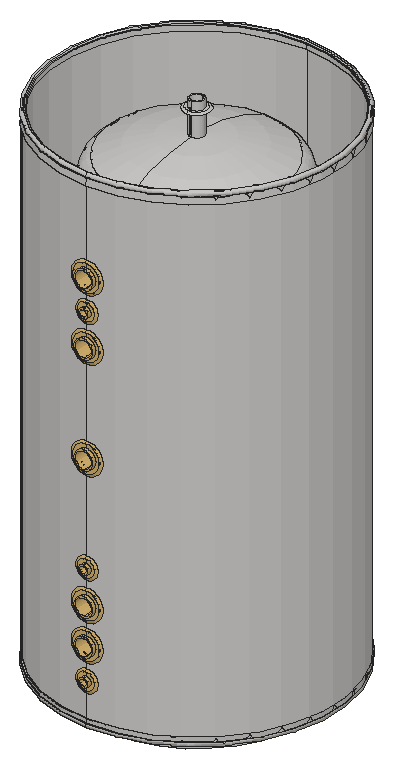
Revit family "HVAC_Boilers_Enertech_CTC-Accumulator-Tank_2-750", category Specialty Equipment, Revit 2018
Family settings
  Round Connector Dimension = Use Diameter
  Part Type = Normal
  OmniClass Number = 23.75.00.00
  OmniClass Title = Climate Control (HVAC)
  Work Plane-Based = No
  Always vertical = No
  Cut with Voids When Loaded = No
  Shared = No
  Room Calculation Point = No
Parameters (values of type "CTC Ackumulatortank 2 750")
  Weight = "145 kg"
  WaterVolumeWaterSuply = "N/A"
  WaterVolumeHeathingSystem = "689 l"
  WarrantyStartDate [instance] = "n/a"
  WarrantyGuarantorParts = "n/a"
  WarrantyGuarantorLabor = "n/a"
  WarrantyDurationUnit = "Year"
  WarrantyDurationParts = "n/a"
  WarrantyDurationLabor = "n/a"
  WarrantyDescription = "n/a"
  VersionDate = "24/08/2021"  # constant formula
  Version = "1"  # constant formula
  UsageCurrent = 0 A
  Uniclass2015Reference = "Pr_40_70_65"
  Uniclass2015Description = "Preparation catering equipment"
  Uniclass2 = "Pr_40_70_65"
  URL = "https://ctc-heating.com/products/accumulator-tanks"
  UNSPSCCode = "24111810"
  Type Comments = ""
  Touchscreen = "no"
  TagNumber [instance] = "n/a"
  SustainabilityPerformance = "n/a"
  Status = "n/a"
  Standby heat loss, Storage tank = "127 W"
  SpecifiedOutput = "N/A"
  SoundPowerLWA = "N/A"
  Sound pressureLPA 5m = "N/A"
  Sound pressureLPA 1m = "N/A"
  Sound pressureLPA 10m = "N/A"
  Size = "Ø950x1820 mm"
  Shape = "Round"
  SerialNumber [instance] = "7241 xxxx xxxx"
  SEERWarm = "N/A"
  SEERModerate = "N/A"
  SEERCold = "N/A"
  SCOPWarm = "N/A"
  SCOPModerate = "N/A"
  SCOPCold = "N/A"
  Revision = "n/a"  # constant formula
  ReplacementCost = "n/a"
  RefrigerantType = "N/A"
  RefrigerantQuantity = "N/A"
  ReferenceAirFlowRate = "N/A"
  Reference = "n/a"
  RatedVoltage = 0 V
  RatedHeatOutputModerate = "N/A"
  RatedCurrent = 0 A
  PumpMainMaterial = Stainless Steel
  ProductInformation = "CTC Hot water storage tanks is a series of  coil/storage tanks suitable for DHW-preparation and hot water storage, availiable in two models and five sizes. CTC Hot Water Storage Tank 1:  coil tanks for efficient DHW heating. CTC Hot Water Storage Tank 2: volume tanks for hot water storage."
  Product data url = ""
  PowerFactor = 0 W
  PhaseReference = "n/a"
  PhaseAngle = 0.00°
  OutputRangeIimmersionHeater = "N/A"
  OutputRange = "N/A"
  NumberOfPoles = 1
  NominalWidth = 950 mm
  NominalVoltage = 0 V
  NominalHeight = 1820 mm
  NominalFrequencyRange = 0 Hz
  NominalDepth = 950 mm
  NominalCurrent = 0 A
  Name = "CTC-Accumulator-Tank_2-750"  # constant formula
  NBSReference = "90-40-40/320"
  NBSDescription = "Air to water heat pumps"
  ModelReference = "n/a"
  ModelNumber = "589904001"
  MinimumCeilingHeight = "2040 mm"
  MaxStartingCurrent = "N/A"
  MaxOperatingTemperature = "100 °C"
  MaxOperatingPressureThermalStore = "6 bar"
  MaxOperatingPressureHotWater = "N/A"
  MaxAirFlowRate = "N/A"
  Material = "Steel"
  ManufacturerURL = "https://ctc.se/"
  ManufacturerName = "Enertech AB"
  Model = "CTC Ackumulatortank 2 750"
  ManufacturerCountry = "Sweden"
  Manufacturer = "Enertech AB"
  InsulationStandardClass = "n/a"
  InstallationDate [instance] = "n/a"
  InPutPower = "N/A"
  IfcExportType = "HEATER"  # constant formula
  IfcExportAs = "IfcElectricalDeviceCommon"  # constant formula
  IP_Code = "N/A"
  HotTapWaterPerformance = "N/A"
  HasProtectiveEarth = yes
  GroupFuse = "N/A"
  Grade = "n/a"
  Finish = "n/a"
  Features = "n/a"
  ExpectedLife = "n/a"
  EnergyClass_HotWater = "N/A"
  EnergyClassHeatingWithoutControl = "N/A"
  EnergyClassHeatingWithControl = "N/A"
  ElectricalDeviceNominalPower = 0 W
  EANNumber = "7333077097639"
  DurationUnit = "Year"
  Description = "CTC Hot water storage tanks is a series of  coil/storage tanks suitable for DHW-preparation and hot water storage, availiable in two models and five sizes. CTC Hot Water Storage Tank 1:  coil tanks for efficient DHW heating. CTC Hot Water Storage Tank 2: volume tanks for hot water storage."
  Cost = 0
  Constituents = "n/a"
  ConductorFunction = "n/a"
  Color = "Grey"
  CodePerformance = "n/a"
  Capacity = "N/A"
  COP = "N/A"
  CO2Equivalent = "N/A"
  BrineSystem_Min_MaxPressure = "N/A"
  Barcode [instance] = "n/a"
  AssetIdentifier [instance] = "n/a"
  Category = "Storage tank, hot water"
  Brand = "CTC"
  BIMObjectName = "HVAC_Boilers_Enertech_CTC-Accumulator-Tank_2-750"  # constant formula
  Author = "BIMStone"  # constant formula
  AssetType = "Fixed"
  Artikel nr. = ""
  AirFlow = "N/A"
  Accessories = ""
  AccessibilityPerformance = "n/a"
Reference planes
  plane 1 "Center (Front/Back)": y = 0
  plane 2: z = 0
  plane 3 "Center (Left/Right)": x = 0
  plane 4: z = 1820
  plane 5: y = 475
  plane 6: y = -475
  plane 7: x = -475
  plane 8: x = 475
Dimensions and locks
  "NominalHeight": plane 4 to level
  equal spacing: plane 5, plane 1 "Center (Front/Back)", plane 6
  "NominalDepth": plane 5 to plane 6
  equal spacing: plane 7, plane 3 "Center (Left/Right)", plane 8
  "NominalWidth": plane 7 to plane 8
  aligned and locked: level to plane 2
Nested families
  nested 1: "Accumulator-Tank_2-750" at (0, 0, 0), Body <- "PumpMainMaterial", type "Accumulator-Tank_2-750"
    with Pipes Brass, Body Stainless Steel
Definition of nested family "Accumulator-Tank_2-750"
  Parameters (values of type "Accumulator-Tank_2-750")
    Pipes [instance] = none
    Body [instance] = none
  Reference planes
    plane 1 "Center (Front/Back)": y = 0
    plane 2: z = 0
    plane 3 "Center (Left/Right)": x = 0
    plane 4: y = 478.349
    plane 5: y = -478.349
    plane 6: x = -478.349
    plane 7: x = 478.349
  Forms (mm)
    Revolve 1, solid, material <- "Body", detail levels medium+fine
      sketch origin (0, 0, 0) x (0, 1, 0) y (0, 0, 1)
        loop
          line (478.349, 1750.261) -> (476.502, 1773.869)
          arc (476.502, 1773.869) -> (476.592, 1774.638) -> (476.968, 1775.314) r 1.996
          arc (476.968, 1775.314) -> (477.358, 1784.96) -> (468.103, 1787.707) r 7.859
          arc (468.103, 1787.707) -> (465.997, 1786.218) -> (464.827, 1783.918) r 5.371
          line (464.827, 1783.918) -> (470.045, 1783.918) -> (470.045, 1782.918) -> (464.045, 1782.918) -> (463.956, 1781.918) -> (471.456, 1781.918) -> (471.456, 1757.918) -> (472.75, 1757.918) -> (474, 1773.896) -> (475, 1773.896) -> (476.849, 1750.261) -> (478.349, 1750.261)
        loop
          line (471.456, 75.873) -> (463.956, 75.873) -> (464.045, 74.873) -> (470.045, 74.873) -> (470.045, 73.873) -> (464.827, 73.873)
          arc (464.827, 73.873) -> (465.997, 71.574) -> (468.103, 70.084) r 5.371
          arc (468.103, 70.084) -> (477.358, 72.832) -> (476.968, 82.478) r 7.859
          arc (476.968, 82.478) -> (476.592, 83.154) -> (476.502, 83.922) r 1.996
          line (476.502, 83.922) -> (477.75, 99.873) -> (476.25, 99.873) -> (475, 83.896) -> (474, 83.896) -> (472.75, 99.873) -> (471.456, 99.873) -> (471.456, 75.873)
        axis (0, 1787.707) -> (0, 70.084)
      angle from 0 to 360
    Revolve 2, solid, material <- "Body", detail levels medium+fine
      sketch origin (0, 0, 0) x (0, 1, 0) y (0, 0, 1)
        loop
          line (474.3, 83.896) -> (475.1, 83.896) -> (475.1, 1773.896) -> (474.3, 1773.896) -> (474.3, 83.896)
        axis (0, 83.896) -> (0, 1773.896)
      angle from 0 to 360
    Revolve 3, solid, material <- "Body", detail levels medium+fine
      sketch origin (0, 0, 0) x (0, 1, 0) y (0, 0, 1)
        loop
          line (-325, 1576.143) -> (-325, 154.143)
          arc (-325, 154.143) -> (-314.893, 118.46) -> (-287.575, 93.379) r 68.041
          arc (-287.575, 93.379) -> (-147.788, 42.844) -> (0, 26.937) r 621.684
          line (0, 26.937) -> (0, 29.937)
          arc (0, 29.937) -> (-147.094, 45.763) -> (-286.225, 96.058) r 618.684
          arc (-286.225, 96.058) -> (-312.339, 120.034) -> (-322, 154.143) r 65.041
          line (-322, 154.143) -> (-322, 1576.143)
          arc (-322, 1576.143) -> (-312.339, 1610.252) -> (-286.225, 1634.228) r 65.041
          arc (-286.225, 1634.228) -> (-156.576, 1682.253) -> (-19.5, 1700.288) r 618.684
          line (-19.5, 1700.288) -> (-19.5, 1813.618) -> (-23.5, 1813.618) -> (-23.5, 1787.618) -> (-35, 1787.618) -> (-43, 1783.618) -> (-23.5, 1783.618) -> (-23.5, 1703.201)
          arc (-23.5, 1703.201) -> (-159.211, 1684.688) -> (-287.575, 1636.907) r 621.684
          arc (-287.575, 1636.907) -> (-314.893, 1611.825) -> (-325, 1576.143) r 68.041
        axis (0, 26.937) -> (0, 1813.618)
      angle from 0 to 360
    Revolve 4, solid, material <- "Body", detail levels medium+fine
      sketch origin (0, 0, 0) x (0, 1, 0) y (0, 0, 1)
        loop
          line (362, 105) -> (359, 105) -> (359, 0) -> (362, 0) -> (362, 105)
        axis (0, 0) -> (0, 105)
      angle from 0 to 360
    Extrusion 5, void
      sketch origin (0, 0, 0) x (1, 0, 0) y (0, 0, 1)
        loop
          circle (0, 1465.146) r 29
        loop
          circle (0, 1360.146) r 13
        loop
          circle (0, 1250.143) r 29
        loop
          circle (0, 905.146) r 29
        loop
          circle (0, 450.146) r 29
        loop
          circle (0, 325.146) r 29
        loop
          circle (0, 565.146) r 13
        loop
          circle (0, 215.146) r 13
      from 299.391 to 515
    Revolve 6, solid, material <- "Pipes", detail levels medium+fine
      sketch origin (0, -55, 0) x (0, 1, 0) y (0, 0, 1)
        loop
          line (-265, 357.643) -> (-420, 357.643) -> (-420, 379.146) -> (-424, 371.146) -> (-424, 357.643) -> (-435, 357.643) -> (-435, 353.143) -> (-265, 353.143) -> (-265, 357.643)
        axis (-265, 325.143) -> (-435, 325.143)
      angle from 0 to 360
    Revolve 7, solid, material <- "Pipes", detail levels medium+fine
      sketch origin (0, -55, 125) x (0, 1, 0) y (0, 0, 1)
        loop
          line (-265, 357.643) -> (-420, 357.643) -> (-420, 379.146) -> (-424, 371.146) -> (-424, 357.643) -> (-435, 357.643) -> (-435, 353.143) -> (-265, 353.143) -> (-265, 357.643)
        axis (-265, 325.143) -> (-435, 325.143)
      angle from 0 to 360
    Revolve 8, solid, material <- "Pipes", detail levels medium+fine
      sketch origin (0, -55, 580) x (0, 1, 0) y (0, 0, 1)
        loop
          line (-265, 357.643) -> (-420, 357.643) -> (-420, 379.146) -> (-424, 371.146) -> (-424, 357.643) -> (-435, 357.643) -> (-435, 353.143) -> (-265, 353.143) -> (-265, 357.643)
        axis (-265, 325.143) -> (-435, 325.143)
      angle from 0 to 360
    Revolve 9, solid, material <- "Pipes", detail levels medium+fine
      sketch origin (0, -55, 925) x (0, 1, 0) y (0, 0, 1)
        loop
          line (-265, 357.643) -> (-420, 357.643) -> (-420, 379.146) -> (-424, 371.146) -> (-424, 357.643) -> (-435, 357.643) -> (-435, 353.143) -> (-265, 353.143) -> (-265, 357.643)
        axis (-265, 325.143) -> (-435, 325.143)
      angle from 0 to 360
    Revolve 10, solid, material <- "Pipes", detail levels medium+fine
      sketch origin (0, -55, 1035) x (0, 1, 0) y (0, 0, 1)
        loop
          line (-265, 341.142) -> (-420, 341.142) -> (-420, 362.645) -> (-424, 354.645) -> (-424, 341.142) -> (-435, 341.142) -> (-435, 336.642) -> (-265, 336.642) -> (-265, 341.142)
        axis (-265, 325.143) -> (-435, 325.143)
      angle from 0 to 360
    Revolve 11, solid, material <- "Pipes", detail levels medium+fine
      sketch origin (0, -55, 240) x (0, 1, 0) y (0, 0, 1)
        loop
          line (-265, 341.142) -> (-420, 341.142) -> (-420, 362.645) -> (-424, 354.645) -> (-424, 341.142) -> (-435, 341.142) -> (-435, 336.642) -> (-265, 336.642) -> (-265, 341.142)
        axis (-265, 325.143) -> (-435, 325.143)
      angle from 0 to 360
    Revolve 12, solid, material <- "Pipes", detail levels medium+fine
      sketch origin (0, -55, -110) x (0, 1, 0) y (0, 0, 1)
        loop
          line (-265, 341.142) -> (-420, 341.142) -> (-420, 362.645) -> (-424, 354.645) -> (-424, 341.142) -> (-435, 341.142) -> (-435, 336.642) -> (-265, 336.642) -> (-265, 341.142)
        axis (-265, 325.143) -> (-435, 325.143)
      angle from 0 to 360
    Revolve 13, solid, material <- "Pipes", detail levels medium+fine
      sketch origin (0, -55, 1140) x (0, 1, 0) y (0, 0, 1)
        loop
          line (-265, 357.643) -> (-420, 357.643) -> (-420, 379.146) -> (-424, 371.146) -> (-424, 357.643) -> (-435, 357.643) -> (-435, 353.143) -> (-265, 353.143) -> (-265, 357.643)
        axis (-265, 325.143) -> (-435, 325.143)
      angle from 0 to 360
    Extrusion 14, solid, material <- "Body", detail levels coarse
      sketch origin (0, 0, 0) x (1, 0, 0) y (0, 1, 0)
        loop
          line (-478.349, 478.349) -> (-478.349, -478.349) -> (478.349, -478.349) -> (478.349, 478.349) -> (-478.349, 478.349)
      from 0 to 1788.2
  Cuts and joins
    Extrusion 5 cuts Revolve 2
    Extrusion 5 cuts Revolve 3
  Lines and regions (mm)
    symbolic lines, detail levels medium+fine
      curve 1: arc (0, 470.966, 69.545) -> (0, 478.095, 74.095) -> (0, 476.968, 82.478) r 7.859
      curve 2: line (0, 476.502, 83.922) -> (0, 477.75, 99.873)
      curve 3: line (0, 477.75, 99.873) -> (0, 475.1, 99.873)
      curve 4: line (0, 475.1, 99.873) -> (0, 475.1, 1750.261)
      curve 5: arc (0, 476.968, 1775.314) -> (0, 478.095, 1783.696) -> (0, 470.966, 1788.247) r 7.859
      curve 6: line (0, 475.1, 1750.261) -> (0, 478.349, 1750.261)
      curve 7: line (0, 478.349, 1750.261) -> (0, 476.502, 1773.869)
      curve 8: arc (0, 476.502, 1773.869) -> (0, 476.592, 1774.638) -> (0, 476.968, 1775.314) r 1.996
      curve 11: line (0, 23.5, 1813.618) -> (0, 23.5, 1788.247)
      curve 12: line (0, 23.5, 1813.618) -> (0, -23.5, 1813.618)
      curve 13: line (0, 470.966, 69.545) -> (0, 362, 69.545)
      curve 14: line (0, 362, 0) -> (0, 362, 69.545)
      curve 15: line (0, 362, 0) -> (0, -362, 0)
      curve 19: arc (0, 476.968, 82.478) -> (0, 476.592, 83.154) -> (0, 476.502, 83.922) r 1.996
      curve 21: arc (0, -470.966, 69.545) -> (0, -478.095, 74.095) -> (0, -476.968, 82.478) r 7.859
      curve 22: line (0, -476.502, 83.922) -> (0, -477.75, 99.873)
      curve 23: line (0, -477.75, 99.873) -> (0, -475.1, 99.873)
      curve 24: line (0, -475.1, 99.873) -> (0, -475.1, 177.84)
      curve 25: arc (0, -476.968, 1775.314) -> (0, -478.095, 1783.696) -> (0, -470.966, 1788.247) r 7.859
      curve 26: line (0, -475.1, 1750.261) -> (0, -478.349, 1750.261)
      curve 27: line (0, -478.349, 1750.261) -> (0, -476.502, 1773.869)
      curve 28: arc (0, -476.502, 1773.869) -> (0, -476.592, 1774.638) -> (0, -476.968, 1775.314) r 1.996
      curve 29: line (0, -23.5, 1788.247) -> (0, -470.966, 1788.247)
      curve 31: line (0, -23.5, 1813.618) -> (0, -23.5, 1788.247)
      curve 32: line (0, -470.966, 69.545) -> (0, -362, 69.545)
      curve 33: line (0, -362, 0) -> (0, -362, 69.545)
      curve 37: arc (0, -476.968, 82.478) -> (0, -476.592, 83.154) -> (0, -476.502, 83.922) r 1.996
      curve 39: line (0, 23.5, 1788.247) -> (0, 470.966, 1788.247)
      curve 40: line (0, -475.1, 1397.445) -> (0, -475.1, 1411.34)
      curve 41: line (0, -479, 1389.645) -> (0, -479, 1376.142)
      curve 42: line (0, -490, 1376.142) -> (0, -490, 1344.143)
      curve 43: line (0, -490, 1376.142) -> (0, -479, 1376.142)
      curve 44: line (0, -479, 1389.645) -> (0, -475.1, 1397.445)
      curve 45: line (0, -479, 1330.64) -> (0, -475.1, 1322.84)
      curve 46: line (0, -490, 1344.143) -> (0, -479, 1344.143)
      curve 49: line (0, -479, 1296.146) -> (0, -479, 1282.643)
      curve 50: line (0, -490, 1282.643) -> (0, -490, 1217.643)
      curve 51: line (0, -479, 1296.146) -> (0, -475.1, 1303.946)
      curve 52: line (0, -479, 1204.14) -> (0, -475.1, 1196.34)
      curve 53: line (0, -490, 1217.643) -> (0, -479, 1217.643)
      curve 54: line (0, -490, 1282.643) -> (0, -479, 1282.643)
      curve 56: line (0, -479, 1217.643) -> (0, -479, 1204.14)
      curve 58: line (0, -475.1, 1303.946) -> (0, -475.1, 1322.84)
      curve 60: line (0, -479, 1344.143) -> (0, -479, 1330.64)
      curve 61: line (0, -479, 951.146) -> (0, -479, 937.643)
      curve 62: line (0, -490, 937.643) -> (0, -490, 872.643)
      curve 63: line (0, -479, 951.146) -> (0, -475.1, 958.946)
      curve 64: line (0, -479, 859.14) -> (0, -475.1, 851.34)
      curve 65: line (0, -490, 872.643) -> (0, -479, 872.643)
      curve 66: line (0, -490, 937.643) -> (0, -479, 937.643)
      curve 68: line (0, -479, 872.643) -> (0, -479, 859.14)
      curve 70: line (0, -479, 496.146) -> (0, -479, 482.643)
      curve 71: line (0, -490, 482.643) -> (0, -490, 417.643)
      curve 72: line (0, -479, 496.146) -> (0, -475.1, 503.946)
      curve 73: line (0, -479, 404.14) -> (0, -475.1, 396.34)
      curve 74: line (0, -490, 417.643) -> (0, -479, 417.643)
      curve 75: line (0, -490, 482.643) -> (0, -479, 482.643)
      curve 77: line (0, -479, 417.643) -> (0, -479, 404.14)
      curve 79: line (0, -479, 371.146) -> (0, -479, 357.643)
      curve 80: line (0, -490, 357.643) -> (0, -490, 292.643)
      curve 81: line (0, -479, 371.146) -> (0, -475.1, 378.946)
      curve 82: line (0, -479, 279.14) -> (0, -475.1, 271.34)
      curve 83: line (0, -490, 292.643) -> (0, -479, 292.643)
      curve 84: line (0, -490, 357.643) -> (0, -479, 357.643)
      curve 86: line (0, -479, 292.643) -> (0, -479, 279.14)
      curve 88: line (0, -479, 594.645) -> (0, -479, 581.142)
      curve 89: line (0, -490, 581.142) -> (0, -490, 549.143)
      curve 90: line (0, -490, 581.142) -> (0, -479, 581.142)
      curve 91: line (0, -479, 594.645) -> (0, -475.1, 602.445)
      curve 92: line (0, -479, 535.64) -> (0, -475.1, 527.84)
      curve 93: line (0, -490, 549.143) -> (0, -479, 549.143)
      curve 96: line (0, -479, 549.143) -> (0, -479, 535.64)
      curve 97: line (0, -475.1, 378.946) -> (0, -475.1, 396.34)
      curve 98: line (0, -475.1, 503.946) -> (0, -475.1, 527.84)
      curve 99: line (0, -475.1, 602.445) -> (0, -475.1, 851.34)
      curve 100: line (0, -475.1, 958.946) -> (0, -475.1, 1196.34)
      curve 101: arc (-470.966, 0, 1788.247) -> (-478.095, 0, 1783.696) -> (-476.968, 0, 1775.314) r 7.859
      curve 102: arc (-476.968, 0, 1775.314) -> (-476.592, 0, 1774.638) -> (-476.502, 0, 1773.869) r 1.996
      curve 103: line (-476.502, 0, 1773.869) -> (-478.349, 0, 1750.261)
      curve 104: line (-478.349, 0, 1750.261) -> (-475.1, 0, 1750.261)
      curve 105: line (-470.966, 0, 1788.247) -> (-23.5, 0, 1788.247)
      curve 106: line (-475.1, 0, 1750.261) -> (-475.1, 0, 99.873)
      curve 107: arc (-476.968, 0, 82.478) -> (-478.095, 0, 74.095) -> (-470.966, 0, 69.545) r 7.859
      curve 108: line (-475.1, 0, 99.873) -> (-477.75, 0, 99.873)
      curve 109: line (-477.75, 0, 99.873) -> (-476.502, 0, 83.922)
      curve 110: arc (-476.502, 0, 83.922) -> (-476.592, 0, 83.154) -> (-476.968, 0, 82.478) r 1.996
      curve 111: line (-470.966, 0, 69.545) -> (-362, 0, 69.545)
      curve 112: line (-362, 0, 0) -> (-362, 0, 69.545)
      curve 113: arc (470.966, 0, 1788.247) -> (478.095, 0, 1783.696) -> (476.968, 0, 1775.314) r 7.859
      curve 114: arc (476.968, 0, 1775.314) -> (476.592, 0, 1774.638) -> (476.502, 0, 1773.869) r 1.996
      curve 115: line (476.502, 0, 1773.869) -> (478.349, 0, 1750.261)
      curve 116: line (478.349, 0, 1750.261) -> (475.1, 0, 1750.261)
      curve 117: line (475.1, 0, 1750.261) -> (475.1, 0, 99.873)
      curve 118: arc (476.968, 0, 82.478) -> (478.095, 0, 74.095) -> (470.966, 0, 69.545) r 7.859
      curve 119: line (475.1, 0, 99.873) -> (477.75, 0, 99.873)
      curve 120: line (477.75, 0, 99.873) -> (476.502, 0, 83.922)
      curve 121: arc (476.502, 0, 83.922) -> (476.592, 0, 83.154) -> (476.968, 0, 82.478) r 1.996
      curve 122: line (-23.5, 0, 1813.618) -> (-23.5, 0, 1788.247)
      curve 123: line (-23.5, 0, 1813.618) -> (23.5, 0, 1813.618)
      curve 124: line (23.5, 0, 1813.618) -> (23.5, 0, 1788.247)
      curve 125: line (470.966, 0, 1788.247) -> (23.5, 0, 1788.247)
      curve 131: line (470.966, 0, 69.545) -> (362, 0, 69.545)
      curve 132: line (362, 0, 0) -> (362, 0, 69.545)
      curve 133: line (-362, 0, 0) -> (362, 0, 0)
      curve 229: line (-32.5, -490, 0) -> (32.5, -490, 0)
      curve 230: line (-32.5, -490, 0) -> (-32.5, -479, 0)
      curve 231: line (-32.5, -479, 0) -> (-46.003, -479, 0)
      curve 232: line (-46.003, -479, 0) -> (-53.251, -475.376, 0)
      curve 233: line (32.5, -490, 0) -> (32.5, -479, 0)
      curve 234: line (32.5, -479, 0) -> (46.003, -479, 0)
      curve 235: line (46.003, -479, 0) -> (53.251, -475.376, 0)
      curve 237: arc (53.251, -475.376, 0) -> (0, 478.349, 0) -> (-53.251, -475.376, 0) r 478.349
      curve 239: line (0, -479, 1511.146) -> (0, -479, 1497.643)
      curve 240: line (0, -490, 1497.643) -> (0, -490, 1432.643)
      curve 241: line (0, -479, 1511.146) -> (0, -475.1, 1518.946)
      curve 242: line (0, -479, 1419.14) -> (0, -475.1, 1411.34)
      curve 243: line (0, -490, 1432.643) -> (0, -479, 1432.643)
      curve 244: line (0, -490, 1497.643) -> (0, -479, 1497.643)
      curve 246: line (0, -479, 1432.643) -> (0, -479, 1419.14)
      curve 247: line (0, -475.1, 1518.946) -> (0, -475.1, 1750.261)
      curve 248: line (0, -479, 244.645) -> (0, -479, 231.142)
      curve 249: line (0, -490, 231.142) -> (0, -490, 199.143)
      curve 250: line (0, -490, 231.142) -> (0, -479, 231.142)
      curve 251: line (0, -479, 244.645) -> (0, -475.1, 252.445)
      curve 252: line (0, -479, 185.64) -> (0, -475.1, 177.84)
      curve 253: line (0, -490, 199.143) -> (0, -479, 199.143)
      curve 256: line (0, -479, 199.143) -> (0, -479, 185.64)
      curve 257: line (0, -475.1, 252.445) -> (0, -475.1, 271.34)
    symbolic lines, detail levels fine
      curve 9: line (0, -23.5, 1788.247) -> (0, 23.5, 1788.247)
      curve 10: line (0, 475.1, 1750.261) -> (0, 0, 1750.261)
      curve 16: line (0, 362, 69.545) -> (0, 0, 69.545)
      curve 17: line (0, 475.1, 99.873) -> (0, 0, 99.873)
      curve 18: line (0, 476.502, 1773.869) -> (0, 0, 1773.869)
      curve 20: line (0, 476.502, 83.922) -> (0, 0, 83.922)
      curve 30: line (0, -475.1, 1750.261) -> (0, 0, 1750.261)
      curve 34: line (0, -362, 69.545) -> (0, 0, 69.545)
      curve 35: line (0, -475.1, 99.873) -> (0, 0, 99.873)
      curve 36: line (0, -476.502, 1773.869) -> (0, 0, 1773.869)
      curve 38: line (0, -476.502, 83.922) -> (0, 0, 83.922)
      curve 47: line (0, -475.1, 1322.84) -> (0, -475.1, 1397.445)
      curve 48: line (0, -475.1, 1411.34) -> (0, -475.1, 1518.946)
      curve 55: line (0, -479, 1282.643) -> (0, -479, 1217.643)
      curve 57: line (0, -475.1, 1196.34) -> (0, -475.1, 1303.946)
      curve 59: line (0, -479, 1376.142) -> (0, -479, 1344.143)
      curve 67: line (0, -479, 937.643) -> (0, -479, 872.643)
      curve 69: line (0, -475.1, 851.34) -> (0, -475.1, 958.946)
      curve 76: line (0, -479, 482.643) -> (0, -479, 417.643)
      curve 78: line (0, -475.1, 396.34) -> (0, -475.1, 503.946)
      curve 85: line (0, -479, 357.643) -> (0, -479, 292.643)
      curve 87: line (0, -475.1, 271.34) -> (0, -475.1, 378.946)
      curve 94: line (0, -475.1, 527.84) -> (0, -475.1, 602.445)
      curve 95: line (0, -479, 581.142) -> (0, -479, 549.143)
      curve 126: line (-23.5, 0, 1788.247) -> (23.5, 0, 1788.247)
      curve 127: line (-475.1, 0, 1750.261) -> (475.1, 0, 1750.261)
      curve 128: line (-476.502, 0, 1773.869) -> (476.502, 0, 1773.869)
      curve 129: line (-476.502, 0, 83.922) -> (476.502, 0, 83.922)
      curve 130: line (475.1, 0, 99.873) -> (-475.1, 0, 99.873)
      curve 134: line (362, 0, 69.545) -> (-362, 0, 69.545)
      curve 135: arc (-190.526, 0, 211.892) -> (-207.276, 0, 195.143) -> (-190.526, 0, 178.393) r 16.75
      curve 136: arc (-190.526, 0, 204.643) -> (-200.026, 0, 195.143) -> (-190.526, 0, 185.643) r 9.5
      curve 137: arc (-190.526, 0, 185.643) -> (-181.026, 0, 195.143) -> (-190.526, 0, 204.643) r 9.5
      curve 138: arc (-190.526, 0, 178.393) -> (-173.777, 0, 195.143) -> (-190.526, 0, 211.892) r 16.75
      curve 139: arc (-100.15, 0, 211.892) -> (-116.9, 0, 195.143) -> (-100.15, 0, 178.393) r 16.75
      curve 140: arc (-100.15, 0, 178.393) -> (-83.401, 0, 195.143) -> (-100.15, 0, 211.892) r 16.75
      curve 141: arc (-100.15, 0, 206.143) -> (-111.15, 0, 195.143) -> (-100.15, 0, 184.143) r 11
      curve 142: arc (-100.15, 0, 204.643) -> (-109.65, 0, 195.143) -> (-100.15, 0, 185.643) r 9.5
      curve 143: arc (-100.15, 0, 184.143) -> (-89.15, 0, 195.143) -> (-100.15, 0, 206.143) r 11
      curve 144: arc (-100.15, 0, 185.643) -> (-90.65, 0, 195.143) -> (-100.15, 0, 204.643) r 9.5
      curve 145: arc (-190.526, 0, 206.143) -> (-201.526, 0, 195.143) -> (-190.526, 0, 184.143) r 11
      curve 146: arc (-190.526, 0, 184.143) -> (-179.526, 0, 195.143) -> (-190.526, 0, 206.143) r 11
      curve 147: arc (0, 0, 177.64) -> (-37.503, 0, 215.143) -> (0, 0, 252.645) r 37.503
      curve 148: arc (0, 0, 252.645) -> (37.503, 0, 215.143) -> (0, 0, 177.64) r 37.503
      curve 149: arc (0, 0, 185.64) -> (-29.503, 0, 215.143) -> (0, 0, 244.645) r 29.503
      curve 150: arc (0, 0, 244.645) -> (29.503, 0, 215.143) -> (0, 0, 185.64) r 29.503
      curve 151: arc (0, 0, 231.142) -> (-16, 0, 215.143) -> (0, 0, 199.143) r 16
      curve 152: arc (0, 0, 226.642) -> (-11.5, 0, 215.143) -> (0, 0, 203.643) r 11.5
      curve 153: arc (0, 0, 199.143) -> (16, 0, 215.143) -> (0, 0, 231.142) r 16
      curve 154: arc (0, 0, 203.643) -> (11.5, 0, 215.143) -> (0, 0, 226.642) r 11.5
      curve 155: arc (0, 0, 271.14) -> (-54.003, 0, 325.143) -> (0, 0, 379.146) r 54.003
      curve 156: arc (0, 0, 279.14) -> (-46.003, 0, 325.143) -> (0, 0, 371.146) r 46.003
      curve 157: arc (0, 0, 357.643) -> (-32.5, 0, 325.143) -> (0, 0, 292.643) r 32.5
      curve 158: arc (0, 0, 353.143) -> (-28, 0, 325.143) -> (0, 0, 297.143) r 28
      curve 159: arc (0, 0, 297.143) -> (28, 0, 325.143) -> (0, 0, 353.143) r 28
      curve 160: arc (0, 0, 292.643) -> (32.5, 0, 325.143) -> (0, 0, 357.643) r 32.5
      curve 161: arc (0, 0, 371.146) -> (46.003, 0, 325.143) -> (0, 0, 279.14) r 46.003
      curve 162: arc (0, 0, 379.146) -> (54.003, 0, 325.143) -> (0, 0, 271.14) r 54.003
      curve 163: arc (0, 0, 396.14) -> (-54.003, 0, 450.143) -> (0, 0, 504.146) r 54.003
      curve 164: arc (0, 0, 404.14) -> (-46.003, 0, 450.143) -> (0, 0, 496.146) r 46.003
      curve 165: arc (0, 0, 482.643) -> (-32.5, 0, 450.143) -> (0, 0, 417.643) r 32.5
      curve 166: arc (0, 0, 478.143) -> (-28, 0, 450.143) -> (0, 0, 422.143) r 28
      curve 167: arc (0, 0, 422.143) -> (28, 0, 450.143) -> (0, 0, 478.143) r 28
      curve 168: arc (0, 0, 417.643) -> (32.5, 0, 450.143) -> (0, 0, 482.643) r 32.5
      curve 169: arc (0, 0, 496.146) -> (46.003, 0, 450.143) -> (0, 0, 404.14) r 46.003
      curve 170: arc (0, 0, 504.146) -> (54.003, 0, 450.143) -> (0, 0, 396.14) r 54.003
      curve 171: arc (0, 0, 851.14) -> (-54.003, 0, 905.143) -> (0, 0, 959.146) r 54.003
      curve 172: arc (0, 0, 859.14) -> (-46.003, 0, 905.143) -> (0, 0, 951.146) r 46.003
      curve 173: arc (0, 0, 937.643) -> (-32.5, 0, 905.143) -> (0, 0, 872.643) r 32.5
      curve 174: arc (0, 0, 933.143) -> (-28, 0, 905.143) -> (0, 0, 877.143) r 28
      curve 175: arc (0, 0, 877.143) -> (28, 0, 905.143) -> (0, 0, 933.143) r 28
      curve 176: arc (0, 0, 872.643) -> (32.5, 0, 905.143) -> (0, 0, 937.643) r 32.5
      curve 177: arc (0, 0, 951.146) -> (46.003, 0, 905.143) -> (0, 0, 859.14) r 46.003
      curve 178: arc (0, 0, 959.146) -> (54.003, 0, 905.143) -> (0, 0, 851.14) r 54.003
      curve 179: arc (0, 0, 1196.14) -> (-54.003, 0, 1250.143) -> (0, 0, 1304.146) r 54.003
      curve 180: arc (0, 0, 1204.14) -> (-46.003, 0, 1250.143) -> (0, 0, 1296.146) r 46.003
      curve 181: arc (0, 0, 1282.643) -> (-32.5, 0, 1250.143) -> (0, 0, 1217.643) r 32.5
      curve 182: arc (0, 0, 1278.143) -> (-28, 0, 1250.143) -> (0, 0, 1222.143) r 28
      curve 183: arc (0, 0, 1222.143) -> (28, 0, 1250.143) -> (0, 0, 1278.143) r 28
      curve 184: arc (0, 0, 1217.643) -> (32.5, 0, 1250.143) -> (0, 0, 1282.643) r 32.5
      curve 185: arc (0, 0, 1296.146) -> (46.003, 0, 1250.143) -> (0, 0, 1204.14) r 46.003
      curve 186: arc (0, 0, 1304.146) -> (54.003, 0, 1250.143) -> (0, 0, 1196.14) r 54.003
      curve 187: arc (0, 0, 1411.14) -> (-54.003, 0, 1465.143) -> (0, 0, 1519.146) r 54.003
      curve 188: arc (0, 0, 1419.14) -> (-46.003, 0, 1465.143) -> (0, 0, 1511.146) r 46.003
      curve 189: arc (0, 0, 1497.643) -> (-32.5, 0, 1465.143) -> (0, 0, 1432.643) r 32.5
      curve 190: arc (0, 0, 1493.143) -> (-28, 0, 1465.143) -> (0, 0, 1437.143) r 28
      curve 191: arc (0, 0, 1437.143) -> (28, 0, 1465.143) -> (0, 0, 1493.143) r 28
      curve 192: arc (0, 0, 1432.643) -> (32.5, 0, 1465.143) -> (0, 0, 1497.643) r 32.5
      curve 193: arc (0, 0, 1511.146) -> (46.003, 0, 1465.143) -> (0, 0, 1419.14) r 46.003
      curve 194: arc (0, 0, 1519.146) -> (54.003, 0, 1465.143) -> (0, 0, 1411.14) r 54.003
      curve 195: arc (0, 0, 527.64) -> (-37.503, 0, 565.143) -> (0, 0, 602.645) r 37.503
      curve 196: arc (0, 0, 602.645) -> (37.503, 0, 565.143) -> (0, 0, 527.64) r 37.503
      curve 197: arc (0, 0, 535.64) -> (-29.503, 0, 565.143) -> (0, 0, 594.645) r 29.503
      curve 198: arc (0, 0, 594.645) -> (29.503, 0, 565.143) -> (0, 0, 535.64) r 29.503
      curve 199: arc (0, 0, 581.142) -> (-16, 0, 565.143) -> (0, 0, 549.143) r 16
      curve 200: arc (0, 0, 576.642) -> (-11.5, 0, 565.143) -> (0, 0, 553.643) r 11.5
      curve 201: arc (0, 0, 549.143) -> (16, 0, 565.143) -> (0, 0, 581.142) r 16
      curve 202: arc (0, 0, 553.643) -> (11.5, 0, 565.143) -> (0, 0, 576.642) r 11.5
      curve 203: arc (0, 0, 1322.64) -> (-37.503, 0, 1360.143) -> (0, 0, 1397.645) r 37.503
      curve 204: arc (0, 0, 1397.645) -> (37.503, 0, 1360.143) -> (0, 0, 1322.64) r 37.503
      curve 205: arc (0, 0, 1330.64) -> (-29.503, 0, 1360.143) -> (0, 0, 1389.645) r 29.503
      curve 206: arc (0, 0, 1389.645) -> (29.503, 0, 1360.143) -> (0, 0, 1330.64) r 29.503
      curve 207: arc (0, 0, 1376.142) -> (-16, 0, 1360.143) -> (0, 0, 1344.143) r 16
      curve 208: arc (0, 0, 1371.642) -> (-11.5, 0, 1360.143) -> (0, 0, 1348.643) r 11.5
      curve 209: arc (0, 0, 1344.143) -> (16, 0, 1360.143) -> (0, 0, 1376.142) r 16
      curve 210: arc (0, 0, 1348.643) -> (11.5, 0, 1360.143) -> (0, 0, 1371.642) r 11.5
      curve 211: arc (-190.526, 0, 1511.892) -> (-207.276, 0, 1495.143) -> (-190.526, 0, 1478.393) r 16.75
      curve 212: arc (-190.526, 0, 1504.643) -> (-200.026, 0, 1495.143) -> (-190.526, 0, 1485.643) r 9.5
      curve 213: arc (-190.526, 0, 1485.643) -> (-181.026, 0, 1495.143) -> (-190.526, 0, 1504.643) r 9.5
      curve 214: arc (-190.526, 0, 1478.393) -> (-173.777, 0, 1495.143) -> (-190.526, 0, 1511.892) r 16.75
      curve 215: arc (-100.15, 0, 1511.892) -> (-116.9, 0, 1495.143) -> (-100.15, 0, 1478.393) r 16.75
      curve 216: arc (-100.15, 0, 1478.393) -> (-83.401, 0, 1495.143) -> (-100.15, 0, 1511.892) r 16.75
      curve 217: arc (-100.15, 0, 1506.143) -> (-111.15, 0, 1495.143) -> (-100.15, 0, 1484.143) r 11
      curve 218: arc (-100.15, 0, 1504.643) -> (-109.65, 0, 1495.143) -> (-100.15, 0, 1485.643) r 9.5
      curve 219: arc (-100.15, 0, 1484.143) -> (-89.15, 0, 1495.143) -> (-100.15, 0, 1506.143) r 11
      curve 220: arc (-100.15, 0, 1485.643) -> (-90.65, 0, 1495.143) -> (-100.15, 0, 1504.643) r 9.5
      curve 221: arc (-190.526, 0, 1506.143) -> (-201.526, 0, 1495.143) -> (-190.526, 0, 1484.143) r 11
      curve 222: arc (-190.526, 0, 1484.143) -> (-179.526, 0, 1495.143) -> (-190.526, 0, 1506.143) r 11
      curve 223: circle (0, 0, 0) r 463.956 normal (0, 0, 1)
      curve 224: circle (0, 0, 0) r 380 normal (0, 0, 1)
      curve 225: circle (0, 0, 0) r 43 normal (0, 0, 1)
      curve 226: circle (0, 0, 0) r 35 normal (0, 0, 1)
      curve 227: circle (0, 0, 0) r 23.5 normal (0, 0, 1)
      curve 228: circle (0, 0, 0) r 19.5 normal (0, 0, 1)
      curve 236: line (-32.5, -479, 0) -> (32.5, -479, 0)
      curve 238: arc (-53.251, -475.376, 0) -> (0, -478.349, 0) -> (53.251, -475.376, 0) r 478.349
      curve 245: line (0, -479, 1497.643) -> (0, -479, 1432.643)
      curve 254: line (0, -475.1, 177.84) -> (0, -475.1, 252.445)
      curve 255: line (0, -479, 231.142) -> (0, -479, 199.143)
  Dimensions and locks
    aligned and locked: level to plane 2
